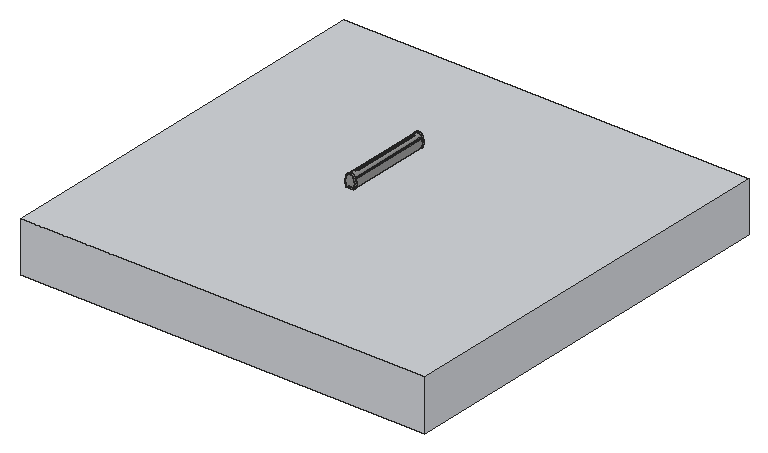
Revit family "L-trade II 20", category Осветительные приборы, Revit 2017
Family settings
  Основа = Грань
  Размер круглого соединителя = Использовать диаметр
  Тип детали = Нормальный
  При загрузке вырезать с полостями = Нет
  Источник света = Да
  Общий = Нет
  Точка расчета площади = Нет
Parameters (values of type "L-trade II 20 4.0K К15")
  Цветовая температура = 4000 K
  Световой поток светильника = Lumens  # 2508 lm
  Расстояние от светильника до поверхности = 250 mm
  Описание = "Универсальный светодиодный светильник нового поколения L-trade II 20 предназначен для освещения торговых залов, промышленных помещений, логистических центров, складов, магазинов, спортивных сооружений и т.д."
  Lamp = ""
  Кривая сил света = "К15"
  Комментарии к типоразмеру = "Торговые"
  Wattage Comments = ""
  Wattage = 16.8841 W
  built-in parameter 1150110 = 1 (stored number, unit not read)
  built-in parameter 1114217 = 1 (stored number, unit not read)
  Tilt Angle = 90.00°
  built-in parameter 1150109 = 1 (stored number, unit not read)
  built-in parameter 1150134 = 12
  built-in parameter 1150113 = 1 (stored number, unit not read)
  Файл фотометрической сетки = "L-trade II 20-22-K15-4.0-01.ies"
  built-in parameter 1150142 = "IESNA:LM-63-1995\r\n[TEST]LEDEL\r\n[DATA]17.01.2017\r\n[MANUFAC]LEDEL\r\n[LUMCAT]L-trade II 20/22/К15/4.0/01\r\n[LUMINAIRE]Для освещения торговых залов, промышленных помещений, складов, магазинов, спортивных сооружений и т.д.  \r\n[LAMPCAT]LED\r\n[LAMP]OSRAM SQUARE\r\nTILT=NONE\r\n\r\n1 2508 0.387815 37 19 1 2 0.531 0.05 0.123\r\n\r\n1 1 22\r\n\r\n 0 2.5 5 7.5 10 12.5 15 17.5 20 22.5 25 27.5 30 32.5 35 37.5 40 42.5 45 47.5\r\n 50 52.5 55 57.5 60 62.5 65 67.5 70 72.5 75 77.5 80 82.5 85 87.5 90\r\n\r\n  0 5 10 15 20 25 30 35 40 45 50 55 60 65 70 75\r\n  80 85 90 \r\n\r\n  31577 30708 27040 21987 16469 11472 7577 4708 2995 2122 1611 1250 953 863 658\r\n  625 522 444 363 308 295 182 227 241 159 137 91 126 114 81\r\n  69 46 46 116 69 11 69\r\n  31509 30761 27290 22294 16742 11699 7759 4893 3108 2133 1611 1271 999 863 681\r\n  601 568 454 363 283 318 287 273 203 182 137 69 102 91 56\r\n  91 46 91 32 69 70 91\r\n  31509 30761 27290 22294 16742 11699 7759 4893 3108 2133 1611 1271 999 863 681\r\n  601 568 454 363 283 318 287 273 203 182 137 69 102 91 56\r\n  91 46 91 32 69 70 91\r\n  31509 30761 27290 22294 16742 11699 7759 4893 3108 2133 1611 1271 999 863 681\r\n  601 568 454 363 283 318 287 273 203 182 137 69 102 91 56\r\n  91 46 91 32 69 70 91\r\n  31509 30761 27290 22294 16742 11699 7759 4893 3108 2133 1611 1271 999 863 681\r\n  601 568 454 363 283 318 287 273 203 182 137 69 102 91 56\r\n  91 46 91 32 69 70 91\r\n  31509 30761 27290 22294 16742 11699 7759 4893 3108 2133 1611 1271 999 863 681\r\n  601 568 454 363 283 318 287 273 203 182 137 69 102 91 56\r\n  91 46 91 32 69 70 91\r\n  31509 30761 27290 22294 16742 11699 7759 4893 3108 2133 1611 1271 999 863 681\r\n  601 568 454 363 283 318 287 273 203 182 137 69 102 91 56\r\n  91 46 91 32 69 70 91\r\n  31509 30761 27290 22294 16742 11699 7759 4893 3108 2133 1611 1271 999 863 681\r\n  601 568 454 363 283 318 287 273 203 182 137 69 102 91 56\r\n  91 46 91 32 69 70 91\r\n  31509 30761 27290 22294 16742 11699 7759 4893 3108 2133 1611 1271 999 863 681\r\n  601 568 454 363 283 318 287 273 203 182 137 69 102 91 56\r\n  91 46 91 32 69 70 91\r\n  31509 30761 27290 22294 16742 11699 7759 4893 3108 2133 1611 1271 999 863 681\r\n  601 568 454 363 283 318 287 273 203 182 137 69 102 91 56\r\n  91 46 91 32 69 70 91\r\n  31509 30761 27290 22294 16742 11699 7759 4893 3108 2133 1611 1271 999 863 681\r\n  601 568 454 363 283 318 287 273 203 182 137 69 102 91 56\r\n  91 46 91 32 69 70 91\r\n  31509 30761 27290 22294 16742 11699 7759 4893 3108 2133 1611 1271 999 863 681\r\n  601 568 454 363 283 318 287 273 203 182 137 69 102 91 56\r\n  91 46 91 32 69 70 91\r\n  31509 30761 27290 22294 16742 11699 7759 4893 3108 2133 1611 1271 999 863 681\r\n  601 568 454 363 283 318 287 273 203 182 137 69 102 91 56\r\n  91 46 91 32 69 70 91\r\n  31509 30761 27290 22294 16742 11699 7759 4893 3108 2133 1611 1271 999 863 681\r\n  601 568 454 363 283 318 287 273 203 182 137 69 102 91 56\r\n  91 46 91 32 69 70 91\r\n  31509 30761 27290 22294 16742 11699 7759 4893 3108 2133 1611 1271 999 863 681\r\n  601 568 454 363 283 318 287 273 203 182 137 69 102 91 56\r\n  91 46 91 32 69 70 91\r\n  31509 30761 27290 22294 16742 11699 7759 4893 3108 2133 1611 1271 999 863 681\r\n  601 568 454 363 283 318 287 273 203 182 137 69 102 91 56\r\n  91 46 91 32 69 70 91\r\n  31509 30761 27290 22294 16742 11699 7759 4893 3108 2133 1611 1271 999 863 681\r\n  601 568 454 363 283 318 287 273 203 182 137 69 102 91 56\r\n  91 46 91 32 69 70 91\r\n  31509 30761 27290 22294 16742 11699 7759 4893 3108 2133 1611 1271 999 863 681\r\n  601 568 454 363 283 318 287 273 203 182 137 69 102 91 56\r\n  91 46 91 32 69 70 91\r\n  31509 30761 27290 22294 16742 11699 7759 4893 3108 2133 1611 1271 999 863 681\r\n  601 568 454 363 283 318 287 273 203 182 137 69 102 91 56\r\n  91 46 91 32 69 70 91\r\n  31509 29215 24772 19310 13883 9353 5921 3672 2382 1770 1384 1100 863 681 636\r\n  545 454 409 341 273 273 182 182 137 159 137 114 126 114 91\r\n  69 91 46 46 46 46 23\r\n  31509 29215 24772 19310 13883 9353 5921 3672 2382 1770 1384 1100 863 681 636\r\n  545 454 409 341 273 273 182 182 137 159 137 114 126 114 91\r\n  69 91 46 46 46 46 23\r\n  31509 29215 24772 19310 13883 9353 5921 3672 2382 1770 1384 1100 863 681 636\r\n  545 454 409 341 273 273 182 182 137 159 137 114 126 114 91\r\n  69 91 46 46 46 46 23\r\n  31509 29215 24772 19310 13883 9353 5921 3672 2382 1770 1384 1100 863 681 636\r\n  545 454 409 341 273 273 182 182 137 159 137 114 126 114 91\r\n  69 91 46 46 46 46 23\r\n  31509 29215 24772 19310 13883 9353 5921 3672 2382 1770 1384 1100 863 681 636\r\n  545 454 409 341 273 273 182 182 137 159 137 114 126 114 91\r\n  69 91 46 46 46 46 23\r\n  31509 29215 24772 19310 13883 9353 5921 3672 2382 1770 1384 1100 863 681 636\r\n  545 454 409 341 273 273 182 182 137 159 137 114 126 114 91\r\n  69 91 46 46 46 46 23\r\n  31509 29215 24772 19310 13883 9353 5921 3672 2382 1770 1384 1100 863 681 636\r\n  545 454 409 341 273 273 182 182 137 159 137 114 126 114 91\r\n  69 91 46 46 46 46 23\r\n  31509 29215 24772 19310 13883 9353 5921 3672 2382 1770 1384 1100 863 681 636\r\n  545 454 409 341 273 273 182 182 137 159 137 114 126 114 91\r\n  69 91 46 46 46 46 23\r\n  31509 29215 24772 19310 13883 9353 5921 3672 2382 1770 1384 1100 863 681 636\r\n  545 454 409 341 273 273 182 182 137 159 137 114 126 114 91\r\n  69 91 46 46 46 46 23\r\n  31509 29215 24772 19310 13883 9353 5921 3672 2382 1770 1384 1100 863 681 636\r\n  545 454 409 341 273 273 182 182 137 159 137 114 126 114 91\r\n  69 91 46 46 46 46 23\r\n  31509 29215 24772 19310 13883 9353 5921 3672 2382 1770 1384 1100 863 681 636\r\n  545 454 409 341 273 273 182 182 137 159 137 114 126 114 91\r\n  69 91 46 46 46 46 23\r\n  31509 29215 24772 19310 13883 9353 5921 3672 2382 1770 1384 1100 863 681 636\r\n  545 454 409 341 273 273 182 182 137 159 137 114 126 114 91\r\n  69 91 46 46 46 46 23\r\n  31509 29215 24772 19310 13883 9353 5921 3672 2382 1770 1384 1100 863 681 636\r\n  545 454 409 341 273 273 182 182 137 159 137 114 126 114 91\r\n  69 91 46 46 46 46 23\r\n  31509 29215 24772 19310 13883 9353 5921 3672 2382 1770 1384 1100 863 681 636\r\n  545 454 409 341 273 273 182 182 137 159 137 114 126 114 91\r\n  69 91 46 46 46 46 23\r\n  31509 29215 24772 19310 13883 9353 5921 3672 2382 1770 1384 1100 863 681 636\r\n  545 454 409 341 273 273 182 182 137 159 137 114 126 114 91\r\n  69 91 46 46 46 46 23\r\n  31509 29215 24772 19310 13883 9353 5921 3672 2382 1770 1384 1100 863 681 636\r\n  545 454 409 341 273 273 182 182 137 159 137 114 126 114 91\r\n  69 91 46 46 46 46 23\r\n  31509 29215 24772 19310 13883 9353 5921 3672 2382 1770 1384 1100 863 681 636\r\n  545 454 409 341 273 273 182 182 137 159 137 114 126 114 91\r\n  69 91 46 46 46 46 23\r\n  31577 29407 25044 19617 14156 9570 6057 3832 2450 1780 1384 1124 863 681 636\r\n  545 454 409 341 283 295 203 227 137 137 137 114 91 91 91\r\n  69 91 23 35 46 46 46\r\n\r\n"
  built-in parameter 1150105 = 199.58 (stored number, unit not read)
  Lumens = 2508 lm
  built-in parameter 1150115 = 1 (stored number, unit not read)
  built-in parameter 1150137 = (empty or 0)
  built-in parameter 1150139 = (empty or 0)
  built-in parameter 1150112 = 1 (stored number, unit not read)
  built-in parameter 1150114 = 1 (stored number, unit not read)
  built-in parameter 1150132 = 2
  Классификация нагрузок = Освещение
  built-in parameter 1150102 = (empty or 0)
  built-in parameter 1150107 = 4000 (stored number, unit not read)
  built-in parameter 1150138 = (empty or 0)
  built-in parameter 1150106 = 1.9958 (stored number, unit not read)
  Emit from Rectangle Width = 48 mm
  Emit from Rectangle Length = 500 mm
  Manufacturer = ""
  Длина профиля = Emit from Rectangle Length  # 500 mm
  Emit Shape Visible in Rendering = no
  built-in parameter 1150104 = 13.8 (stored number, unit not read)
  Dimming Lamp Color Temperature Shift = (empty or 0)
  Default Elevation = 1219.2 mm
  Color Filter = 16777215
  built-in parameter 1114218 = 1 (stored number, unit not read)
  built-in parameter 1150133 = 10 (stored number, unit not read)
  Apparent Load = 22 VA  # constant formula
  Артикул = "321102202741300"
Reference planes
  plane 1 "Center (Front/Back)": y = 0
  plane 2: z = 0
  plane 3 "Center (Left/Right)": x = 0
Forms (mm)
  Extrusion 1, solid
    sketch origin (0, 0, 0) x (1, 0, 0) y (0, 1, 0)
      loop
        line (-1219.2, 1219.2) -> (-1219.2, -1219.2) -> (1219.2, -1219.2) -> (1219.2, 1219.2) -> (-1219.2, 1219.2)
    from 0 to -304.8
Dimensions and locks
  "Расстояние от светильника до поверхности": imposter light to Extrusion 1
  aligned and locked: plane 2 to Extrusion 1
  aligned and locked: level to Extrusion 1
Automatic sketch dimensions
  Extrusion 1 sketch curve to Extrusion 1 sketch curve = 2438.4 mm  (x2)
Nested families
  nested 1: "L-trade II_body" at (0, 0, 0), type "L-trade II_body"
Connectors
  electrical at (0, 0, 0), driven by "Apparent Load", driven by "Классификация нагрузок"
    settings: on Extrusion 1, index 1, voltage 230 V, apparent load 0 VA, apparent load phase1 22 VA, apparent load phase2 0 VA, apparent load phase3 0 VA, power factor 1, load classification "Освещение", number of poles 1, system type 31, power factor state 1, is connector primary yes, connector utility no, sub classification motor no, connector description ""
Definition of nested family "L-trade II_body"
  Parameters (values of type "L-trade II_body")
    Тип торцевой крышки = Trade II торцевая крышка : Trade II торцевая крышка
    Расстояние от светильника до плоскости = Расстояние от низа светильника до плоскости + 80 mm  # 250 mm
    Расстояние от низа светильника до плоскости = 170 mm
    Default Elevation = 1219.2 mm
    Начало выдавливания = 250 mm
    Конец выдавливания = Начало выдавливания * (-1)  # -250 mm
    Длина профиля = Начало выдавливания * 2  # 500 mm
  Reference planes
    plane 1 "По центру (Вперед/Назад)": y = 0
    plane 2: z = 0
    plane 3 "По центру (Влево/Вправо)": x = 0
    plane 4 "Плоскость расположения светильника": z = 170
  Forms (mm)
    Extrusion 1, solid
      sketch origin (0, 0, 0) x (1, 0, 0) y (0, 1, 0)
        loop
          line (-1219.2, 1219.2) -> (-1219.2, -1219.2) -> (1219.2, -1219.2) -> (1219.2, 1219.2) -> (-1219.2, 1219.2)
      from 0 to -304.8
    Extrusion 2, solid
      sketch origin (0, 0, 170) x (0, -1, 0) y (1, 0, 0)
        loop
          line (-250, 2.572) -> (250, 2.572) -> (250, 4.625) -> (-250, 4.625) -> (-250, 2.572)
        loop
          line (-250, -2.572) -> (-250, -4.625) -> (250, -4.625) -> (250, -2.572) -> (-250, -2.572)
      from 0 to 1
    Extrusion 3, solid
      sketch origin (0, 0, 0) x (1, 0, 0) y (0, 0, 1)
        loop
          line (2.572, 170) -> (21.583, 170)
          arc (21.583, 170) -> (23.284, 170.705) -> (23.988, 172.406) r 2.406
          line (23.988, 172.406) -> (23.988, 219.1) -> (23.054, 219.44)
          arc (23.054, 219.44) -> (20.433, 219.877) -> (22.85, 220.98) r 1.389
          line (22.85, 220.98) -> (23.732, 222.227)
          arc (23.732, 222.227) -> (24.096, 223.532) -> (23.546, 224.771) r 2.006
          arc (23.546, 224.771) -> (23.261, 225.083) -> (23.188, 225.5) r 0.757
          line (23.188, 225.5) -> (22.224, 225.5) -> (22.224, 224.659) -> (22.797, 224.087)
          arc (22.797, 224.087) -> (22.797, 222.684) -> (21.394, 222.684) r 0.992
          arc (21.394, 222.684) -> (21.071, 222.931) -> (20.696, 223.087) r 1.556
          line (20.696, 223.087) -> (18.325, 223.087)
          arc (18.325, 223.087) -> (16.847, 224.004) -> (18.515, 224.5) r 0.954
          line (18.515, 224.5) -> (19.803, 224.5) -> (19.803, 225.5) -> (19.002, 225.5)
          arc (19.002, 225.5) -> (17.792, 225.901) -> (16.582, 225.5) r 2.024
          line (16.582, 225.5) -> (4.453, 225.5) -> (4.453, 224.5) -> (5.483, 224.5) -> (5.483, 223.3) -> (-5.506, 223.3) -> (-5.506, 224.5) -> (-4.477, 224.5) -> (-4.477, 225.5) -> (-16.606, 225.5)
          arc (-16.606, 225.5) -> (-17.815, 225.901) -> (-19.025, 225.5) r 2.024
          line (-19.025, 225.5) -> (-19.826, 225.5) -> (-19.826, 224.5) -> (-18.538, 224.5)
          arc (-18.538, 224.5) -> (-16.87, 224.004) -> (-18.349, 223.087) r 0.954
          line (-18.349, 223.087) -> (-20.719, 223.087)
          arc (-20.719, 223.087) -> (-21.095, 222.931) -> (-21.417, 222.684) r 1.556
          arc (-21.417, 222.684) -> (-22.82, 222.684) -> (-22.82, 224.087) r 0.992
          line (-22.82, 224.087) -> (-22.247, 224.659) -> (-22.247, 225.5) -> (-23.212, 225.5)
          arc (-23.212, 225.5) -> (-23.284, 225.083) -> (-23.569, 224.771) r 0.757
          arc (-23.569, 224.771) -> (-24.119, 223.532) -> (-23.756, 222.227) r 2.006
          line (-23.756, 222.227) -> (-22.873, 220.98)
          arc (-22.873, 220.98) -> (-20.456, 219.877) -> (-23.077, 219.44) r 1.389
          line (-23.077, 219.44) -> (-24.012, 219.1) -> (-24.012, 172.406)
          arc (-24.012, 172.406) -> (-23.307, 170.705) -> (-21.606, 170) r 2.406
          line (-21.606, 170) -> (-2.595, 170) -> (-2.595, 171) -> (-4.649, 171) -> (-4.649, 175.456) -> (4.625, 175.456) -> (4.625, 171) -> (2.572, 171) -> (2.572, 170)
        loop
          line (5.619, 171) -> (21.584, 171)
          arc (21.584, 171) -> (22.577, 171.411) -> (22.988, 172.405) r 1.405
          line (22.988, 172.405) -> (22.988, 217.897)
          arc (22.988, 217.897) -> (19.715, 218.767) -> (20.407, 222.082) r 2.462
          line (20.407, 222.082) -> (18.726, 222.082)
          arc (18.726, 222.082) -> (16.485, 222.332) -> (15.866, 224.5) r 2.024
          line (15.866, 224.5) -> (6.476, 224.5) -> (6.476, 222.279) -> (-6.499, 222.279) -> (-6.499, 224.5) -> (-15.89, 224.5)
          arc (-15.89, 224.5) -> (-16.509, 222.332) -> (-18.749, 222.082) r 2.024
          line (-18.749, 222.082) -> (-20.43, 222.082)
          arc (-20.43, 222.082) -> (-19.738, 218.767) -> (-23.012, 217.897) r 2.462
          line (-23.012, 217.897) -> (-23.012, 172.405)
          arc (-23.012, 172.405) -> (-22.6, 171.411) -> (-21.607, 171) r 1.405
          line (-21.607, 171) -> (-5.642, 171) -> (-5.642, 176.427) -> (5.619, 176.427) -> (5.619, 171)
      from 250 <- "Начало выдавливания" to -250 <- "Конец выдавливания"
    Extrusion 4, solid
      sketch origin (0, 0, 0) x (1, 0, 0) y (0, 0, 1)
        loop
          arc (-0.012, 246.283) -> (14.71, 240.185) -> (20.808, 225.463) r 20.82
          line (20.808, 225.463) -> (20.808, 224.359) -> (18.369, 224.359) -> (18.369, 223.222) -> (22.088, 223.222) -> (22.088, 225.463)
          arc (22.088, 225.463) -> (15.615, 241.09) -> (-0.012, 247.563) r 22.1
          arc (-0.012, 247.563) -> (-15.639, 241.09) -> (-22.112, 225.463) r 22.1
          line (-22.112, 225.463) -> (-22.112, 223.222) -> (-18.393, 223.222) -> (-18.393, 224.359) -> (-20.832, 224.359) -> (-20.832, 225.463)
          arc (-20.832, 225.463) -> (-14.734, 240.185) -> (-0.012, 246.283) r 20.82
      from 250 <- "Начало выдавливания" to -250 <- "Конец выдавливания"
  Dimensions and locks
    "Расстояние от низа светильника до плоскости": plane 4 "Плоскость расположения светильника" to Extrusion 1
    aligned and locked: plane 2 to Extrusion 1
    aligned and locked: level to Extrusion 1
  Automatic sketch dimensions
    Extrusion 1 sketch curve to Extrusion 1 sketch curve = 2438.4 mm  (x2)
    Extrusion 2 sketch curve to plane 3 "По центру (Влево/Вправо)" = 2.572 mm
    Extrusion 2 sketch curve to plane 1 "По центру (Вперед/Назад)" = 250 mm
    plane 1 "По центру (Вперед/Назад)" to Extrusion 2 sketch curve = 250 mm
    plane 3 "По центру (Влево/Вправо)" to Extrusion 2 sketch curve = 2.572 mm
    Extrusion 2 sketch curve to Extrusion 2 sketch curve = 0 mm  (x2)
    Extrusion 2 sketch curve to Extrusion 2 sketch curve = 2.053 mm  (x2)
    Extrusion 3 sketch curve to Extrusion 3 sketch curve = 0 mm  (x22)
    Extrusion 3 sketch curve to plane 4 "Плоскость расположения светильника" = 0 mm  (x2)
    Extrusion 3 sketch curve to plane 3 "По центру (Влево/Вправо)" = 24.012 mm
    Extrusion 3 sketch curve to Extrusion 3 sketch curve = 0.047 mm
    Extrusion 3 sketch curve to Extrusion 3 sketch curve = 0.256 mm
    Extrusion 3 sketch curve to Extrusion 3 sketch curve = 0.753 mm  (x2)
    Extrusion 3 sketch curve to Extrusion 3 sketch curve = 0.935 mm  (x2)
    Extrusion 3 sketch curve to Extrusion 3 sketch curve = 1 mm  (x4)
    Extrusion 3 sketch curve to Extrusion 3 sketch curve = 0.882 mm  (x2)
    Extrusion 3 sketch curve to Extrusion 3 sketch curve = 0.392 mm
    Extrusion 3 sketch curve to Extrusion 3 sketch curve = 0.964 mm  (x2)
    Extrusion 3 sketch curve to Extrusion 3 sketch curve = 0.702 mm  (x2)
    Extrusion 3 sketch curve to Extrusion 3 sketch curve = 1.04 mm  (x2)
    Extrusion 3 sketch curve to Extrusion 3 sketch curve = 1.405 mm
    Extrusion 3 sketch curve to Extrusion 3 sketch curve = 0.001 mm  (x2)
    Extrusion 3 sketch curve to Extrusion 3 sketch curve = 1.399 mm  (x2)
    Extrusion 3 sketch curve to Extrusion 3 sketch curve = 0.289 mm  (x2)
    Extrusion 3 sketch curve to Extrusion 3 sketch curve = 0.114 mm  (x2)
    Extrusion 3 sketch curve to Extrusion 3 sketch curve = 2.421 mm
    Extrusion 3 sketch curve to Extrusion 3 sketch curve = 0.801 mm  (x2)
    Extrusion 3 sketch curve to Extrusion 3 sketch curve = 1.567 mm  (x2)
    Extrusion 3 sketch curve to Extrusion 3 sketch curve = 0.487 mm  (x2)
    Extrusion 3 sketch curve to Extrusion 3 sketch curve = 0.401 mm  (x2)
    Extrusion 3 sketch curve to Extrusion 3 sketch curve = 0.533 mm  (x2)
    Extrusion 3 sketch curve to Extrusion 3 sketch curve = 1.21 mm  (x2)
    Extrusion 3 sketch curve to Extrusion 3 sketch curve = 0.716 mm  (x2)
    Extrusion 3 sketch curve to plane 3 "По центру (Влево/Вправо)" = 6.499 mm
    plane 4 "Плоскость расположения светильника" to Extrusion 3 sketch curve = 1 mm  (x4)
    Extrusion 3 sketch curve to plane 3 "По центру (Влево/Вправо)" = 5.642 mm
    Extrusion 3 sketch curve to Extrusion 3 sketch curve = 0.993 mm  (x4)
    Extrusion 3 sketch curve to Extrusion 3 sketch curve = 1.03 mm  (x2)
    Extrusion 3 sketch curve to Extrusion 3 sketch curve = 2.053 mm  (x2)
    plane 3 "По центру (Влево/Вправо)" to Extrusion 3 sketch curve = 2.572 mm
    plane 3 "По центру (Влево/Вправо)" to Extrusion 3 sketch curve = 4.453 mm
    Extrusion 3 sketch curve to Extrusion 3 sketch curve = 9.39 mm
    Extrusion 3 sketch curve to Extrusion 3 sketch curve = 0.723 mm
    plane 4 "Плоскость расположения светильника" to Extrusion 3 sketch curve = 2.406 mm
    Extrusion 3 sketch curve to Extrusion 3 sketch curve = 15.964 mm
    Extrusion 3 sketch curve to Extrusion 3 sketch curve = 1.517 mm
    Extrusion 3 sketch curve to Extrusion 3 sketch curve = 0.129 mm
    Extrusion 3 sketch curve to Extrusion 3 sketch curve = 0.573 mm  (x3)
    Extrusion 3 sketch curve to Extrusion 3 sketch curve = 4.456 mm
    Extrusion 3 sketch curve to Extrusion 3 sketch curve = 0.971 mm
    Extrusion 3 sketch curve to Extrusion 3 sketch curve = 41.47 mm  (x2)
    Extrusion 3 sketch curve to Extrusion 3 sketch curve = 1.203 mm  (x2)
    Extrusion 3 sketch curve to Extrusion 3 sketch curve = 0.34 mm  (x2)
    Extrusion 3 sketch curve to Extrusion 3 sketch curve = 0.619 mm  (x2)
    Extrusion 3 sketch curve to Extrusion 3 sketch curve = 0.498 mm  (x2)
    Extrusion 3 sketch curve to Extrusion 3 sketch curve = 1.247 mm  (x2)
    Extrusion 3 sketch curve to Extrusion 3 sketch curve = 0.198 mm
    Extrusion 3 sketch curve to Extrusion 3 sketch curve = 1.005 mm  (x2)
    Extrusion 3 sketch curve to Extrusion 3 sketch curve = 1.021 mm
    Extrusion 3 sketch curve to Extrusion 3 sketch curve = 0.299 mm  (x2)
    Extrusion 3 sketch curve to Extrusion 3 sketch curve = 0.791 mm  (x2)
    Extrusion 3 sketch curve to Extrusion 3 sketch curve = 1.33 mm  (x2)
    Extrusion 3 sketch curve to Extrusion 3 sketch curve = 0.841 mm  (x2)
    Extrusion 3 sketch curve to Extrusion 3 sketch curve = 0.698 mm
    Extrusion 4 sketch curve to Extrusion 4 sketch curve = 0 mm  (x13)
    Extrusion 4 sketch curve to plane 3 "По центру (Влево/Вправо)" = 22.112 mm
    Extrusion 4 sketch curve to Extrusion 4 sketch curve = 1.28 mm
    Extrusion 4 sketch curve to Extrusion 4 sketch curve = 2.439 mm  (x2)
    Extrusion 4 sketch curve to plane 3 "По центру (Влево/Вправо)" = 0.012 mm
    plane 4 "Плоскость расположения светильника" to Extrusion 4 sketch curve = 53.222 mm
    Extrusion 4 sketch curve to Extrusion 4 sketch curve = 1.137 mm  (x2)
    Extrusion 4 sketch curve to Extrusion 4 sketch curve = 1.104 mm
  Nested families
    nested 1: "Trade II торцевая крышка" at (0.005, 0, 0), type <- "Тип торцевой крышки", type "Trade II торцевая крышка"
      with Расстояние от светильника до плоскости 250 mm, Расстояние до плоскости 178 mm, Начало профиля 250 mm, Начало выделения 250 mm, Конец профиля 250 mm, Конец выделения 250 mm, Длина профиля 500 mm
    nested 2: "Trade II торцевая крышка" at (0, 0, 0), type <- "Тип торцевой крышки", type "Trade II торцевая крышка"
      with Расстояние от светильника до плоскости 250 mm, Расстояние до плоскости 178 mm, Начало профиля 250 mm, Начало выделения 250 mm, Конец профиля 250 mm, Конец выделения 250 mm, Длина профиля 500 mm
  Definition of nested family "Trade II торцевая крышка"
    Parameters (values of type "Trade II торцевая крышка")
      Расстояние от светильника до плоскости = Расстояние до плоскости + 72 mm  # 322 mm
      Расстояние до плоскости = 250 mm
      Default Elevation = 1219.2 mm
      Начало профиля = 500 mm
      Начало выделения = Начало профиля  # 500 mm
      Конец профиля = Начало профиля  # 500 mm
      Конец выделения = Конец профиля  # 500 mm
      Длина профиля = Начало профиля * 2  # 1000 mm
    Reference planes
      plane 1 "По центру (Вперед/Назад)": y = 0
      plane 2: z = 0
      plane 3 "По центру (Влево/Вправо)": x = 0
      plane 4 "Плоскость низа светильника": z = 250
      plane 5 "Начало выд": y = -500
      plane 6 "Конец выд": y = 500
    Forms (mm)
      Extrusion 1, solid
        sketch origin (0, 0, 0) x (1, 0, 0) y (0, 1, 0)
          loop
            line (-1219.2, 1219.2) -> (-1219.2, -1219.2) -> (1219.2, -1219.2) -> (1219.2, 1219.2) -> (-1219.2, 1219.2)
        from 0 to -304.8
      Extrusion 2, solid
        sketch origin (0, 500, 0) x (0, 0, -1) y (1, 0, 0)
          loop
            arc (-298.752, 21.086) -> (-313.465, 14.795) -> (-319.533, -0.012) r 21.1
            arc (-319.533, -0.012) -> (-313.465, -14.818) -> (-298.752, -21.109) r 21.1
            arc (-298.752, -21.109) -> (-295.801, -23.179) -> (-292.204, -23.41) r 6.666
            arc (-292.204, -23.41) -> (-287.349, -22.848) -> (-283.631, -26.02) r 6.12
            line (-283.631, -26.02) -> (-282.1, -29.159)
            arc (-282.1, -29.159) -> (-281.536, -29.747) -> (-280.75, -29.964) r 1.536
            line (-280.75, -29.964) -> (-272.479, -29.964) -> (-264.208, -29.964)
            arc (-264.208, -29.964) -> (-263.423, -29.748) -> (-262.859, -29.161) r 1.536
            line (-262.859, -29.161) -> (-261.333, -26.017)
            arc (-261.333, -26.017) -> (-257.413, -22.783) -> (-252.402, -23.624) r 6.12
            arc (-252.402, -23.624) -> (-249.184, -24.431) -> (-246.185, -23.012) r 4.919
            arc (-246.185, -23.012) -> (-245.496, -23.055) -> (-244.832, -22.871) r 2.071
            arc (-244.832, -22.871) -> (-244.246, -22.355) -> (-244.028, -21.606) r 1.397
            line (-244.028, -21.606) -> (-244.028, -5.649) -> (-250, -5.649) -> (-250, -0.012) -> (-250, 5.625) -> (-244.028, 5.625) -> (-244.028, 21.583)
            arc (-244.028, 21.583) -> (-244.246, 22.332) -> (-244.832, 22.848) r 1.397
            arc (-244.832, 22.848) -> (-245.496, 23.032) -> (-246.185, 22.988) r 2.071
            arc (-246.185, 22.988) -> (-249.184, 24.408) -> (-252.402, 23.601) r 4.919
            arc (-252.402, 23.601) -> (-257.413, 22.759) -> (-261.333, 25.993) r 6.12
            line (-261.333, 25.993) -> (-262.859, 29.137)
            arc (-262.859, 29.137) -> (-263.423, 29.725) -> (-264.208, 29.94) r 1.536
            line (-264.208, 29.94) -> (-272.479, 29.94) -> (-280.75, 29.94)
            arc (-280.75, 29.94) -> (-281.536, 29.724) -> (-282.1, 29.136) r 1.536
            line (-282.1, 29.136) -> (-283.631, 25.997)
            arc (-283.631, 25.997) -> (-287.349, 22.825) -> (-292.204, 23.386) r 6.12
            arc (-292.204, 23.386) -> (-295.801, 23.156) -> (-298.752, 21.086) r 6.666
        from 0 to -1
      Extrusion 3, solid
        sketch origin (0, -500, 0) x (0, 0, -1) y (1, 0, 0)
          loop
            line (-244.028, 5.632) -> (-244.028, 21.59)
            arc (-244.028, 21.59) -> (-244.246, 22.339) -> (-244.832, 22.854) r 1.397
            arc (-244.832, 22.854) -> (-245.496, 23.039) -> (-246.185, 22.995) r 2.071
            arc (-246.185, 22.995) -> (-249.184, 24.415) -> (-252.402, 23.607) r 4.919
            arc (-252.402, 23.607) -> (-257.413, 22.766) -> (-261.333, 26) r 6.12
            line (-261.333, 26) -> (-262.859, 29.144)
            arc (-262.859, 29.144) -> (-263.423, 29.731) -> (-264.208, 29.947) r 1.536
            line (-264.208, 29.947) -> (-272.479, 29.947) -> (-280.75, 29.947)
            arc (-280.75, 29.947) -> (-281.536, 29.731) -> (-282.1, 29.143) r 1.536
            line (-282.1, 29.143) -> (-283.631, 26.003)
            arc (-283.631, 26.003) -> (-287.349, 22.832) -> (-292.204, 23.393) r 6.12
            arc (-292.204, 23.393) -> (-295.801, 23.163) -> (-298.752, 21.093) r 6.666
            arc (-298.752, 21.093) -> (-313.465, 14.802) -> (-319.533, -0.005) r 21.1
            arc (-319.533, -0.005) -> (-313.465, -14.811) -> (-298.752, -21.102) r 21.1
            arc (-298.752, -21.102) -> (-295.801, -23.172) -> (-292.204, -23.403) r 6.666
            arc (-292.204, -23.403) -> (-287.349, -22.841) -> (-283.631, -26.013) r 6.12
            line (-283.631, -26.013) -> (-282.1, -29.153)
            arc (-282.1, -29.153) -> (-281.536, -29.741) -> (-280.75, -29.957) r 1.536
            line (-280.75, -29.957) -> (-272.479, -29.957) -> (-264.208, -29.957)
            arc (-264.208, -29.957) -> (-263.423, -29.741) -> (-262.859, -29.154) r 1.536
            line (-262.859, -29.154) -> (-261.333, -26.01)
            arc (-261.333, -26.01) -> (-257.413, -22.776) -> (-252.402, -23.617) r 6.12
            arc (-252.402, -23.617) -> (-249.184, -24.424) -> (-246.185, -23.005) r 4.919
            arc (-246.185, -23.005) -> (-245.496, -23.049) -> (-244.832, -22.864) r 2.071
            arc (-244.832, -22.864) -> (-244.246, -22.348) -> (-244.028, -21.599) r 1.397
            line (-244.028, -21.599) -> (-244.028, -5.642) -> (-248, -5.642) -> (-250, -5.649) -> (-250, 5.625) -> (-248, 5.625) -> (-244.028, 5.632)
        from 0 to 1
      Extrusion 4, solid
        sketch origin (0, -500, 0) x (0, 0, -1) y (1, 0, 0)
          loop
            arc (-319.533, -0.005) -> (-313.465, -14.811) -> (-298.752, -21.102) r 21.1
            arc (-298.752, -21.102) -> (-295.801, -23.172) -> (-292.204, -23.403) r 6.666
            arc (-292.204, -23.403) -> (-287.349, -22.841) -> (-283.631, -26.013) r 6.12
            line (-283.631, -26.013) -> (-282.1, -29.153)
            arc (-282.1, -29.153) -> (-281.536, -29.741) -> (-280.75, -29.957) r 1.536
            line (-280.75, -29.957) -> (-272.479, -29.957) -> (-264.208, -29.957)
            arc (-264.208, -29.957) -> (-263.423, -29.741) -> (-262.859, -29.154) r 1.536
            line (-262.859, -29.154) -> (-261.333, -26.01)
            arc (-261.333, -26.01) -> (-257.413, -22.776) -> (-252.402, -23.617) r 6.12
            arc (-252.402, -23.617) -> (-249.184, -24.424) -> (-246.185, -23.005) r 4.919
            arc (-246.185, -23.005) -> (-245.496, -23.049) -> (-244.832, -22.864) r 2.071
            arc (-244.832, -22.864) -> (-244.246, -22.348) -> (-244.028, -21.599) r 1.397
            line (-244.028, -21.599) -> (-244.028, -5.642) -> (-248, -5.642) -> (-250, -5.649) -> (-250, -0.012) -> (-250, 5.639) -> (-248, 5.639) -> (-244.028, 5.632) -> (-244.028, 21.59)
            arc (-244.028, 21.59) -> (-244.246, 22.339) -> (-244.832, 22.854) r 1.397
            arc (-244.832, 22.854) -> (-245.496, 23.039) -> (-246.185, 22.995) r 2.071
            arc (-246.185, 22.995) -> (-249.184, 24.415) -> (-252.402, 23.607) r 4.919
            arc (-252.402, 23.607) -> (-257.413, 22.766) -> (-261.333, 26) r 6.12
            line (-261.333, 26) -> (-262.859, 29.144)
            arc (-262.859, 29.144) -> (-263.423, 29.731) -> (-264.208, 29.947) r 1.536
            line (-264.208, 29.947) -> (-272.479, 29.947) -> (-280.75, 29.947)
            arc (-280.75, 29.947) -> (-281.536, 29.731) -> (-282.1, 29.143) r 1.536
            line (-282.1, 29.143) -> (-283.631, 26.003)
            arc (-283.631, 26.003) -> (-287.349, 22.832) -> (-292.204, 23.393) r 6.12
            arc (-292.204, 23.393) -> (-295.801, 23.163) -> (-298.752, 21.093) r 6.666
            arc (-298.752, 21.093) -> (-313.465, 14.802) -> (-319.533, -0.005) r 21.1
          loop
            arc (-321.533, -0.005) -> (-315.194, -15.9) -> (-299.657, -23.072) r 23.1
            arc (-299.657, -23.072) -> (-295.831, -25.254) -> (-291.427, -25.274) r 8.666
            arc (-291.427, -25.274) -> (-288.06, -24.718) -> (-285.429, -26.89) r 4.12
            line (-285.429, -26.89) -> (-283.883, -30.06)
            arc (-283.883, -30.06) -> (-282.581, -31.446) -> (-280.75, -31.957) r 3.536
            line (-280.75, -31.957) -> (-272.479, -31.957) -> (-264.208, -31.957)
            arc (-264.208, -31.957) -> (-262.377, -31.446) -> (-261.075, -30.06) r 3.536
            line (-261.075, -30.06) -> (-259.534, -26.884)
            arc (-259.534, -26.884) -> (-256.893, -24.707) -> (-253.519, -25.276) r 4.12
            arc (-253.519, -25.276) -> (-249.474, -26.446) -> (-245.501, -25.054) r 6.919
            arc (-245.501, -25.054) -> (-244.724, -24.938) -> (-243.983, -24.675) r 4.071
            arc (-243.983, -24.675) -> (-242.558, -23.421) -> (-242.028, -21.599) r 3.397
            line (-242.028, -21.599) -> (-242.028, -3.642) -> (-248, -3.642) -> (-248, -0.012) -> (-248, 3.632) -> (-242.028, 3.632) -> (-242.028, 21.59)
            arc (-242.028, 21.59) -> (-242.558, 23.412) -> (-243.983, 24.665) r 3.397
            arc (-243.983, 24.665) -> (-244.724, 24.929) -> (-245.501, 25.045) r 4.071
            arc (-245.501, 25.045) -> (-249.474, 26.436) -> (-253.519, 25.267) r 6.919
            arc (-253.519, 25.267) -> (-256.893, 24.698) -> (-259.534, 26.875) r 4.12
            line (-259.534, 26.875) -> (-261.075, 30.05)
            arc (-261.075, 30.05) -> (-262.377, 31.436) -> (-264.208, 31.947) r 3.536
            line (-264.208, 31.947) -> (-272.479, 31.947) -> (-280.75, 31.947)
            arc (-280.75, 31.947) -> (-282.581, 31.436) -> (-283.883, 30.05) r 3.536
            line (-283.883, 30.05) -> (-285.429, 26.88)
            arc (-285.429, 26.88) -> (-288.06, 24.708) -> (-291.427, 25.265) r 4.12
            arc (-291.427, 25.265) -> (-295.831, 25.245) -> (-299.657, 23.063) r 8.666
            arc (-299.657, 23.063) -> (-315.194, 15.891) -> (-321.533, -0.005) r 23.1
        from 0 to 9
      Extrusion 5, solid
        sketch origin (0, 500, 0) x (0, 0, -1) y (1, 0, 0)
          loop
            arc (-319.526, -0.004) -> (-313.459, -14.811) -> (-298.746, -21.101) r 21.1
            arc (-298.746, -21.101) -> (-295.795, -23.171) -> (-292.197, -23.402) r 6.666
            arc (-292.197, -23.402) -> (-287.343, -22.84) -> (-283.625, -26.012) r 6.12
            line (-283.625, -26.012) -> (-282.093, -29.152)
            arc (-282.093, -29.152) -> (-281.529, -29.74) -> (-280.743, -29.956) r 1.536
            line (-280.743, -29.956) -> (-272.472, -29.956) -> (-264.202, -29.956)
            arc (-264.202, -29.956) -> (-263.416, -29.74) -> (-262.852, -29.153) r 1.536
            line (-262.852, -29.153) -> (-261.326, -26.009)
            arc (-261.326, -26.009) -> (-257.406, -22.775) -> (-252.395, -23.616) r 6.12
            arc (-252.395, -23.616) -> (-249.177, -24.424) -> (-246.178, -23.004) r 4.919
            arc (-246.178, -23.004) -> (-245.49, -23.048) -> (-244.825, -22.863) r 2.071
            arc (-244.825, -22.863) -> (-244.239, -22.348) -> (-244.021, -21.598) r 1.397
            line (-244.021, -21.598) -> (-244.021, -5.641) -> (-247.993, -5.641) -> (-249.993, -5.648) -> (-249.993, -0.011) -> (-249.993, 5.64) -> (-247.993, 5.64) -> (-244.021, 5.633) -> (-244.021, 21.59)
            arc (-244.021, 21.59) -> (-244.239, 22.34) -> (-244.825, 22.855) r 1.397
            arc (-244.825, 22.855) -> (-245.49, 23.04) -> (-246.178, 22.996) r 2.071
            arc (-246.178, 22.996) -> (-249.177, 24.416) -> (-252.395, 23.608) r 4.919
            arc (-252.395, 23.608) -> (-257.406, 22.767) -> (-261.326, 26.001) r 6.12
            line (-261.326, 26.001) -> (-262.852, 29.145)
            arc (-262.852, 29.145) -> (-263.416, 29.732) -> (-264.202, 29.948) r 1.536
            line (-264.202, 29.948) -> (-272.472, 29.948) -> (-280.743, 29.948)
            arc (-280.743, 29.948) -> (-281.529, 29.732) -> (-282.093, 29.144) r 1.536
            line (-282.093, 29.144) -> (-283.625, 26.004)
            arc (-283.625, 26.004) -> (-287.343, 22.833) -> (-292.197, 23.394) r 6.12
            arc (-292.197, 23.394) -> (-295.795, 23.163) -> (-298.746, 21.094) r 6.666
            arc (-298.746, 21.094) -> (-313.459, 14.803) -> (-319.526, -0.004) r 21.1
          loop
            arc (-321.526, -0.004) -> (-315.188, -15.899) -> (-299.65, -23.071) r 23.1
            arc (-299.65, -23.071) -> (-295.824, -25.254) -> (-291.42, -25.273) r 8.666
            arc (-291.42, -25.273) -> (-288.054, -24.717) -> (-285.422, -26.889) r 4.12
            line (-285.422, -26.889) -> (-283.876, -30.059)
            arc (-283.876, -30.059) -> (-282.575, -31.445) -> (-280.743, -31.956) r 3.536
            line (-280.743, -31.956) -> (-272.472, -31.956) -> (-264.202, -31.956)
            arc (-264.202, -31.956) -> (-262.37, -31.445) -> (-261.068, -30.059) r 3.536
            line (-261.068, -30.059) -> (-259.527, -26.883)
            arc (-259.527, -26.883) -> (-256.887, -24.706) -> (-253.512, -25.275) r 4.12
            arc (-253.512, -25.275) -> (-249.468, -26.445) -> (-245.494, -25.053) r 6.919
            arc (-245.494, -25.053) -> (-244.717, -24.937) -> (-243.976, -24.674) r 4.071
            arc (-243.976, -24.674) -> (-242.551, -23.421) -> (-242.021, -21.598) r 3.397
            line (-242.021, -21.598) -> (-242.021, -3.641) -> (-247.993, -3.641) -> (-247.993, -0.011) -> (-247.993, 3.633) -> (-242.021, 3.633) -> (-242.021, 21.59)
            arc (-242.021, 21.59) -> (-242.551, 23.413) -> (-243.976, 24.666) r 3.397
            arc (-243.976, 24.666) -> (-244.717, 24.93) -> (-245.494, 25.046) r 4.071
            arc (-245.494, 25.046) -> (-249.468, 26.437) -> (-253.512, 25.267) r 6.919
            arc (-253.512, 25.267) -> (-256.887, 24.698) -> (-259.527, 26.875) r 4.12
            line (-259.527, 26.875) -> (-261.068, 30.051)
            arc (-261.068, 30.051) -> (-262.37, 31.437) -> (-264.202, 31.948) r 3.536
            line (-264.202, 31.948) -> (-272.472, 31.948) -> (-280.743, 31.948)
            arc (-280.743, 31.948) -> (-282.575, 31.437) -> (-283.876, 30.051) r 3.536
            line (-283.876, 30.051) -> (-285.422, 26.881)
            arc (-285.422, 26.881) -> (-288.054, 24.709) -> (-291.42, 25.265) r 4.12
            arc (-291.42, 25.265) -> (-295.824, 25.246) -> (-299.65, 23.064) r 8.666
            arc (-299.65, 23.064) -> (-315.188, 15.892) -> (-321.526, -0.004) r 23.1
        from 0 to -9
      Extrusion 6, solid
        sketch origin (0, -500, 0) x (0, 0, -1) y (1, 0, 0)
          loop
            line (-244.028, 5.632) -> (-244.028, 21.59)
            arc (-244.028, 21.59) -> (-244.246, 22.339) -> (-244.832, 22.854) r 1.397
            arc (-244.832, 22.854) -> (-245.496, 23.039) -> (-246.185, 22.995) r 2.071
            arc (-246.185, 22.995) -> (-249.184, 24.415) -> (-252.402, 23.607) r 4.919
            arc (-252.402, 23.607) -> (-257.413, 22.766) -> (-261.333, 26) r 6.12
            line (-261.333, 26) -> (-262.859, 29.144)
            arc (-262.859, 29.144) -> (-263.423, 29.731) -> (-264.208, 29.947) r 1.536
            line (-264.208, 29.947) -> (-272.479, 29.947) -> (-280.75, 29.947)
            arc (-280.75, 29.947) -> (-281.536, 29.731) -> (-282.1, 29.143) r 1.536
            line (-282.1, 29.143) -> (-283.631, 26.003)
            arc (-283.631, 26.003) -> (-287.349, 22.832) -> (-292.204, 23.393) r 6.12
            arc (-292.204, 23.393) -> (-295.801, 23.163) -> (-298.752, 21.093) r 6.666
            arc (-298.752, 21.093) -> (-313.465, 14.802) -> (-319.533, -0.005) r 21.1
            arc (-319.533, -0.005) -> (-313.465, -14.811) -> (-298.752, -21.102) r 21.1
            arc (-298.752, -21.102) -> (-295.801, -23.172) -> (-292.204, -23.403) r 6.666
            arc (-292.204, -23.403) -> (-287.349, -22.841) -> (-283.631, -26.013) r 6.12
            line (-283.631, -26.013) -> (-282.1, -29.153)
            arc (-282.1, -29.153) -> (-281.536, -29.741) -> (-280.75, -29.957) r 1.536
            line (-280.75, -29.957) -> (-272.479, -29.957) -> (-264.208, -29.957)
            arc (-264.208, -29.957) -> (-263.423, -29.741) -> (-262.859, -29.154) r 1.536
            line (-262.859, -29.154) -> (-261.333, -26.01)
            arc (-261.333, -26.01) -> (-257.413, -22.776) -> (-252.402, -23.617) r 6.12
            arc (-252.402, -23.617) -> (-249.184, -24.424) -> (-246.185, -23.005) r 4.919
            arc (-246.185, -23.005) -> (-245.496, -23.049) -> (-244.832, -22.864) r 2.071
            arc (-244.832, -22.864) -> (-244.246, -22.348) -> (-244.028, -21.599) r 1.397
            line (-244.028, -21.599) -> (-244.028, -5.642) -> (-248, -5.642) -> (-250, -5.649) -> (-250, 5.625) -> (-248, 5.625) -> (-244.028, 5.632)
        from 8 to 9
      Extrusion 7, solid
        sketch origin (0, 500, 0) x (0, 0, -1) y (1, 0, 0)
          loop
            line (-244.028, 5.632) -> (-244.028, 21.59)
            arc (-244.028, 21.59) -> (-244.246, 22.339) -> (-244.832, 22.854) r 1.397
            arc (-244.832, 22.854) -> (-245.496, 23.039) -> (-246.185, 22.995) r 2.071
            arc (-246.185, 22.995) -> (-249.184, 24.415) -> (-252.402, 23.607) r 4.919
            arc (-252.402, 23.607) -> (-257.413, 22.766) -> (-261.333, 26) r 6.12
            line (-261.333, 26) -> (-262.859, 29.144)
            arc (-262.859, 29.144) -> (-263.423, 29.731) -> (-264.208, 29.947) r 1.536
            line (-264.208, 29.947) -> (-272.479, 29.947) -> (-280.75, 29.947)
            arc (-280.75, 29.947) -> (-281.536, 29.731) -> (-282.1, 29.143) r 1.536
            line (-282.1, 29.143) -> (-283.631, 26.003)
            arc (-283.631, 26.003) -> (-287.349, 22.832) -> (-292.204, 23.393) r 6.12
            arc (-292.204, 23.393) -> (-295.801, 23.163) -> (-298.752, 21.093) r 6.666
            arc (-298.752, 21.093) -> (-313.465, 14.802) -> (-319.533, -0.005) r 21.1
            arc (-319.533, -0.005) -> (-313.465, -14.811) -> (-298.752, -21.102) r 21.1
            arc (-298.752, -21.102) -> (-295.801, -23.172) -> (-292.204, -23.403) r 6.666
            arc (-292.204, -23.403) -> (-287.349, -22.841) -> (-283.631, -26.013) r 6.12
            line (-283.631, -26.013) -> (-282.1, -29.153)
            arc (-282.1, -29.153) -> (-281.536, -29.741) -> (-280.75, -29.957) r 1.536
            line (-280.75, -29.957) -> (-272.479, -29.957) -> (-264.208, -29.957)
            arc (-264.208, -29.957) -> (-263.423, -29.741) -> (-262.859, -29.154) r 1.536
            line (-262.859, -29.154) -> (-261.333, -26.01)
            arc (-261.333, -26.01) -> (-257.413, -22.776) -> (-252.402, -23.617) r 6.12
            arc (-252.402, -23.617) -> (-249.184, -24.424) -> (-246.185, -23.005) r 4.919
            arc (-246.185, -23.005) -> (-245.496, -23.049) -> (-244.832, -22.864) r 2.071
            arc (-244.832, -22.864) -> (-244.246, -22.348) -> (-244.028, -21.599) r 1.397
            line (-244.028, -21.599) -> (-244.028, -5.642) -> (-248, -5.642) -> (-250, -5.649) -> (-250, 5.625) -> (-248, 5.625) -> (-244.028, 5.632)
        from -8 to -9
    Dimensions and locks
      "Расстояние до плоскости": plane 4 "Плоскость низа светильника" to Extrusion 1
      "Начало выделения": plane 5 "Начало выд" to plane 1 "По центру (Вперед/Назад)"
      "Конец выделения": plane 1 "По центру (Вперед/Назад)" to plane 6 "Конец выд"
      aligned and locked: plane 2 to Extrusion 1
      aligned and locked: level to Extrusion 1
    Automatic sketch dimensions
      Extrusion 1 sketch curve to Extrusion 1 sketch curve = 2438.4 mm  (x2)
      Extrusion 2 sketch curve to Extrusion 2 sketch curve = 0 mm  (x2)
      Extrusion 2 sketch curve to plane 4 "Плоскость низа светильника" = 0 mm
      plane 4 "Плоскость низа светильника" to Extrusion 2 sketch curve = 5.829 mm  (x2)
      Extrusion 2 sketch curve to Extrusion 2 sketch curve = 5.503 mm  (x2)
      Extrusion 2 sketch curve to Extrusion 2 sketch curve = 1.526 mm  (x2)
      Extrusion 2 sketch curve to Extrusion 2 sketch curve = 1.35 mm  (x4)
      Extrusion 2 sketch curve to Extrusion 2 sketch curve = 8.271 mm  (x4)
      Extrusion 2 sketch curve to Extrusion 2 sketch curve = 1.531 mm  (x2)
      Extrusion 2 sketch curve to Extrusion 2 sketch curve = 5.501 mm  (x2)
      Extrusion 2 sketch curve to Extrusion 2 sketch curve = 4.46 mm  (x2)
      Extrusion 2 sketch curve to plane 3 "По центру (Влево/Вправо)" = 0.012 mm  (x2)
      Extrusion 2 sketch curve to Extrusion 2 sketch curve = 4.841 mm
      Extrusion 2 sketch curve to plane 4 "Плоскость низа светильника" = 0.334 mm  (x2)
      Extrusion 2 sketch curve to Extrusion 2 sketch curve = 3.955 mm  (x2)
      Extrusion 2 sketch curve to Extrusion 2 sketch curve = 0.286 mm  (x2)
      Extrusion 2 sketch curve to Extrusion 2 sketch curve = 1.397 mm
      Extrusion 2 sketch curve to plane 4 "Плоскость низа светильника" = 5.972 mm
      Extrusion 2 sketch curve to plane 3 "По центру (Влево/Вправо)" = 5.649 mm
      Extrusion 2 sketch curve to plane 3 "По центру (Влево/Вправо)" = 16.89 mm
      Extrusion 2 sketch curve to Extrusion 2 sketch curve = 13.888 mm  (x2)
      Extrusion 2 sketch curve to Extrusion 2 sketch curve = 1.459 mm  (x2)
      Extrusion 2 sketch curve to Extrusion 2 sketch curve = 0.611 mm  (x2)
      Extrusion 2 sketch curve to Extrusion 2 sketch curve = 6.48 mm  (x2)
      Extrusion 2 sketch curve to Extrusion 2 sketch curve = 9.13 mm  (x2)
      Extrusion 2 sketch curve to Extrusion 2 sketch curve = 2.408 mm  (x2)
      Extrusion 2 sketch curve to Extrusion 2 sketch curve = 2.412 mm  (x2)
      Extrusion 2 sketch curve to Extrusion 2 sketch curve = 2.678 mm  (x2)
      Extrusion 2 sketch curve to Extrusion 2 sketch curve = 2.683 mm  (x2)
      Extrusion 2 sketch curve to Extrusion 2 sketch curve = 0.731 mm  (x2)
      plane 3 "По центру (Влево/Вправо)" to Extrusion 2 sketch curve = 5.625 mm
      plane 3 "По центру (Влево/Вправо)" to Extrusion 2 sketch curve = 16.867 mm
      plane 4 "Плоскость низа светильника" to Extrusion 2 sketch curve = 2.402 mm  (x2)
      Extrusion 2 sketch curve to Extrusion 2 sketch curve = 3.072 mm  (x2)
      Extrusion 2 sketch curve to Extrusion 2 sketch curve = 5.16 mm
      Extrusion 2 sketch curve to Extrusion 2 sketch curve = 1.353 mm  (x2)
      Extrusion 3 sketch curve to Extrusion 3 sketch curve = 0 mm  (x4)
      Extrusion 3 sketch curve to plane 4 "Плоскость низа светильника" = 0 mm
      plane 4 "Плоскость низа светильника" to Extrusion 3 sketch curve = 5.829 mm  (x2)
      Extrusion 3 sketch curve to Extrusion 3 sketch curve = 5.503 mm  (x2)
      Extrusion 3 sketch curve to Extrusion 3 sketch curve = 1.526 mm  (x2)
      Extrusion 3 sketch curve to Extrusion 3 sketch curve = 1.35 mm  (x4)
      Extrusion 3 sketch curve to Extrusion 3 sketch curve = 8.271 mm  (x4)
      Extrusion 3 sketch curve to Extrusion 3 sketch curve = 1.531 mm  (x2)
      Extrusion 3 sketch curve to Extrusion 3 sketch curve = 5.501 mm  (x2)
      Extrusion 3 sketch curve to Extrusion 3 sketch curve = 4.46 mm  (x2)
      Extrusion 3 sketch curve to plane 3 "По центру (Влево/Вправо)" = 0.005 mm
      Extrusion 3 sketch curve to Extrusion 3 sketch curve = 4.841 mm
      Extrusion 3 sketch curve to plane 4 "Плоскость низа светильника" = 0.334 mm  (x2)
      Extrusion 3 sketch curve to Extrusion 3 sketch curve = 3.955 mm  (x2)
      Extrusion 3 sketch curve to Extrusion 3 sketch curve = 0.286 mm  (x2)
      Extrusion 3 sketch curve to plane 4 "Плоскость низа светильника" = 5.972 mm  (x2)
      Extrusion 3 sketch curve to plane 3 "По центру (Влево/Вправо)" = 5.642 mm
      Extrusion 3 sketch curve to Extrusion 3 sketch curve = 0.007 mm  (x2)
      Extrusion 3 sketch curve to plane 3 "По центру (Влево/Вправо)" = 16.883 mm
      Extrusion 3 sketch curve to Extrusion 3 sketch curve = 13.881 mm
      Extrusion 3 sketch curve to Extrusion 3 sketch curve = 1.459 mm  (x2)
      Extrusion 3 sketch curve to Extrusion 3 sketch curve = 0.611 mm  (x2)
      Extrusion 3 sketch curve to Extrusion 3 sketch curve = 6.48 mm  (x2)
      Extrusion 3 sketch curve to Extrusion 3 sketch curve = 9.13 mm  (x2)
      Extrusion 3 sketch curve to Extrusion 3 sketch curve = 2.408 mm  (x2)
      Extrusion 3 sketch curve to Extrusion 3 sketch curve = 2.412 mm  (x2)
      Extrusion 3 sketch curve to Extrusion 3 sketch curve = 2.678 mm  (x2)
      Extrusion 3 sketch curve to Extrusion 3 sketch curve = 2.683 mm  (x2)
      Extrusion 3 sketch curve to Extrusion 3 sketch curve = 0.731 mm  (x2)
      plane 3 "По центру (Влево/Вправо)" to Extrusion 3 sketch curve = 5.625 mm
      plane 3 "По центру (Влево/Вправо)" to Extrusion 3 sketch curve = 16.874 mm
      Extrusion 3 sketch curve to Extrusion 3 sketch curve = 13.895 mm
      plane 4 "Плоскость низа светильника" to Extrusion 3 sketch curve = 2.402 mm  (x2)
      Extrusion 3 sketch curve to Extrusion 3 sketch curve = 3.072 mm  (x2)
      Extrusion 3 sketch curve to Extrusion 3 sketch curve = 5.16 mm
      Extrusion 3 sketch curve to plane 4 "Плоскость низа светильника" = 2 mm  (x2)
      Extrusion 3 sketch curve to Extrusion 3 sketch curve = 1.353 mm  (x2)
      Extrusion 4 sketch curve to Extrusion 4 sketch curve = 0 mm  (x48)
      Extrusion 4 sketch curve to plane 4 "Плоскость низа светильника" = 0 mm
      plane 4 "Плоскость низа светильника" to Extrusion 4 sketch curve = 5.829 mm  (x2)
      Extrusion 4 sketch curve to Extrusion 4 sketch curve = 3.705 mm  (x2)
      Extrusion 4 sketch curve to Extrusion 4 sketch curve = 1.541 mm  (x2)
      Extrusion 4 sketch curve to Extrusion 4 sketch curve = 1.799 mm  (x2)
      Extrusion 4 sketch curve to Extrusion 4 sketch curve = 1.783 mm  (x4)
      Extrusion 4 sketch curve to Extrusion 4 sketch curve = 1.35 mm  (x4)
      Extrusion 4 sketch curve to Extrusion 4 sketch curve = 8.271 mm  (x4)
      Extrusion 4 sketch curve to Extrusion 4 sketch curve = 1.531 mm  (x2)
      Extrusion 4 sketch curve to Extrusion 4 sketch curve = 1.798 mm  (x2)
      Extrusion 4 sketch curve to Extrusion 4 sketch curve = 3.703 mm  (x2)
      Extrusion 4 sketch curve to Extrusion 4 sketch curve = 4.46 mm  (x2)
      Extrusion 4 sketch curve to plane 3 "По центру (Влево/Вправо)" = 0.005 mm
      Extrusion 4 sketch curve to Extrusion 4 sketch curve = 4.841 mm
      Extrusion 4 sketch curve to plane 4 "Плоскость низа светильника" = 0.334 mm  (x2)
      Extrusion 4 sketch curve to plane 4 "Плоскость низа светильника" = 2 mm  (x2)
      Extrusion 4 sketch curve to Extrusion 4 sketch curve = 3.955 mm  (x2)
      Extrusion 4 sketch curve to Extrusion 4 sketch curve = 0.286 mm  (x2)
      Extrusion 4 sketch curve to Extrusion 4 sketch curve = 3.972 mm
      Extrusion 4 sketch curve to Extrusion 4 sketch curve = 1.397 mm
